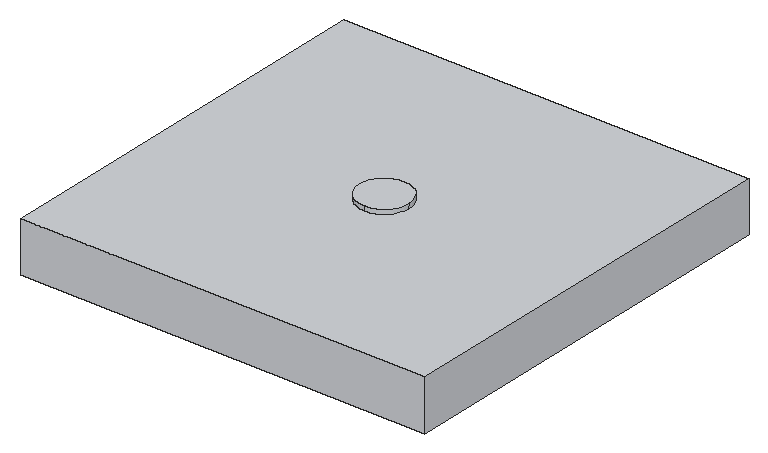
Revit family "M_Conector do duto redondo - Ar de fornecimento - Terminal de ar", category Terminais de ar, Revit 2019
Family settings
  Hospedeiro = Face
  Cota do conector redondo = Usar raio
  Tipo de parte = Normal
  Número OmniClass = 23.75.70.21.27
  Título OmniClass = Air Outlets and Inlets
  ID de item do Seek = Round Duct Connector - Supply Air - Air Terminal-0000-CAN-ENU
  Corte com vazios quando carregada = Não
  Compartilhado = Não
  Ponto de cálculo do ambiente = Não
Parameters (values of type "Padrão")
  SetaAcimaVisível [instance] = yes
  Espessura = 25 mm
  SetaDireitaVisível [instance] = yes
  Raio = 150 mm
  SetaEsquerdaVisível [instance] = yes
  Fluxo [instance] = 47.19 L/s
  Diâmetro = Raio * 2  # 300 mm
  Default Elevation = 0 mm
  SetaInferiorVisível [instance] = yes
  Assembly Code = ""
  Deslocamento da seta = 355.6 mm
Reference planes
  plane 1 "Centro (Frente/Trás)": y = 0
  plane 2: z = 0
  plane 3 "Centro (Esquerda/Direita)": x = 0
Forms (mm)
  Extrusion 1, solid
    sketch origin (0, 0, 0) x (1, 0, 0) y (0, 1, 0)
      loop
        line (-1219.2, 1219.2) -> (-1219.2, -1219.2) -> (1219.2, -1219.2) -> (1219.2, 1219.2) -> (-1219.2, 1219.2)
    from 0 to -304.8
  Sweep 2, solid
    path in 3D
      loop
        line (0, 0, 0) -> (0, 0, 25)
    profile "M_Duto - Redondo : Duto - Redondo" origin (0, 0, 12.5) x (0, -1, 0) y (1, 0, 0)
      loop
        arc (-150, 0) -> (-106.066, -106.066) -> (0, -150) r 150
        arc (0, -150) -> (106.066, -106.066) -> (150, 0) r 150
        arc (150, 0) -> (106.066, 106.066) -> (0, 150) r 150
        arc (0, 150) -> (-106.066, 106.066) -> (-150, 0) r 150
Lines and regions (mm)
  reference lines
    curve 1: line (0, 0, 0) -> (0, 0, 25)
  sketch lines
    curve 2: line (0, 0, 0) -> (0, 0, 25)
Dimensions and locks
  "Espessura": curve 1 to curve 1
  "Deslocamento da seta": plane 3 "Centro (Esquerda/Direita)" to nested 1
  "Deslocamento da seta": nested 2 to plane 1 "Centro (Frente/Trás)"
  "Deslocamento da seta": nested 3 to plane 3 "Centro (Esquerda/Direita)"
  "Deslocamento da seta": nested 4 to plane 1 "Centro (Frente/Trás)"
  aligned and locked: plane 2 to Extrusion 1
  aligned and locked: level to Extrusion 1
  aligned and locked: Extrusion 1 to curve 1
  aligned and locked: curve 1 to plane 1 "Centro (Frente/Trás)"
  aligned and locked: plane 1 "Centro (Frente/Trás)" to nested 1
  aligned and locked: nested 2 to plane 3 "Centro (Esquerda/Direita)"
  aligned and locked: nested 3 to plane 1 "Centro (Frente/Trás)"
  aligned and locked: plane 3 "Centro (Esquerda/Direita)" to nested 4
Automatic sketch dimensions
  Extrusion 1 sketch curve to Extrusion 1 sketch curve = 2438.4 mm  (x2)
Nested families
  nested 1: "M_Seta do terminal do duto" at (355.6, 0, 0), visible <- "SetaDireitaVisível", type "Seta do terminal do duto"
  nested 2: "M_Seta do terminal do duto" at (0, -355.6, 0) x (0, -1, 0) z (0, 0, 1), visible <- "SetaInferiorVisível", type "Seta do terminal do duto"
  nested 3: "M_Seta do terminal do duto" at (-355.6, 0, 0) x (-1, 0, 0) z (0, 0, 1), visible <- "SetaEsquerdaVisível", type "Seta do terminal do duto"
  nested 4: "M_Seta do terminal do duto" at (0, 355.6, 0) x (0, 1, 0) z (0, 0, 1), visible <- "SetaAcimaVisível", type "Seta do terminal do duto"
Connectors
  hvac at (0, 0, 25), driven by "Raio", driven by "Fluxo"
    settings: on Sweep 2, index 1, duct flow 47.19 L/s, flow factor 0, pres drop 0.0 Pa, loss coef 0, conn angle 0.00°, conn width 304.8 mm, conn height 304.8 mm, conn diameter 300 mm, duct sys type 1, conn prof type 0, flow config 1, flow direction 1, loss method 0, conn ref index -1, conn util no, is conn primary yes, conn desc ""
Definition of nested family "M_Seta do terminal do duto"
  Reference planes
    plane 1: y = 0
    plane 2: x = 0
  Lines and regions (mm)
    Filled region 1, type "Preto sólido"
      outline origin (-19.05, 0, 0) x (1, 0, 0) y (0, 1, 0)
        loop
          line (25.4, 0) -> (22.225, 1.156) -> (22.225, -1.156) -> (25.4, 0)
    detail lines
      curve 1: line (0, 0, 0) -> (6.35, 0, 0)
  Dimensions and locks
    aligned and locked: plane 2 to curve 1
